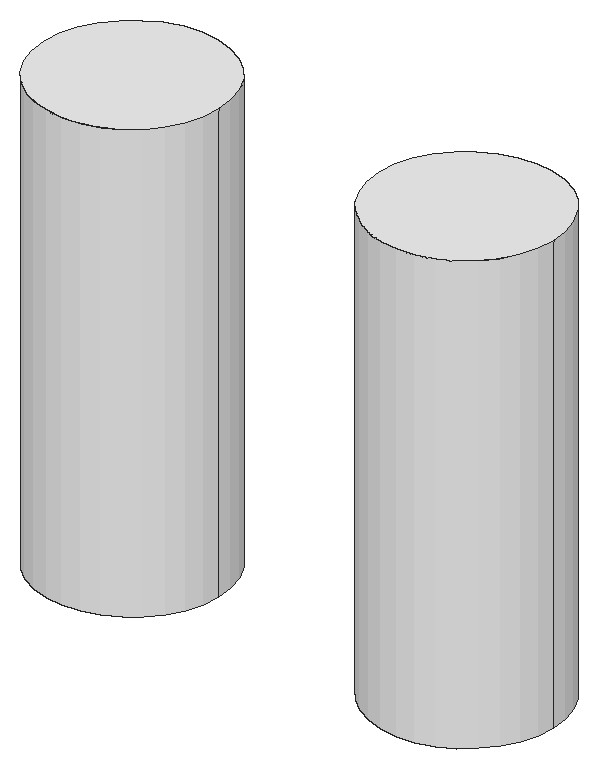
Revit family "514822930037", category Plumbing Fixtures, Revit 2016
Family settings
  Part Type = Normal
  Round Connector Dimension = Use Diameter
  OmniClass Number = 23.45.55.00
  OmniClass Title = Sanitary Faucets, Wastes
  Work Plane-Based = No
  Always vertical = Yes
  Cut with Voids When Loaded = No
  Shared = No
  Room Calculation Point = No
Parameters (values of type "514822930037 Kitchen faucet")
  WorkingPressure = "50 - 1000 kPa"
  WarrantyStartDate [instance] = "n/a"
  WarrantyGuarantorParts = "n/a"
  WarrantyGuarantorLabor = "n/a"
  WarrantyDurationUnit = "Year"
  WarrantyDurationParts = "n/a"
  WarrantyDurationLabor = "n/a"
  WarrantyDescription = "http://warranty.hansa.com"
  VersionDate = "15/03/2019"  # constant formula
  Version = "1"  # constant formula
  ValvePattern = "n/a"
  ValveOperation = "n/a"
  ValveMechanism = "n/a"
  Usage Group = "Households"
  Uniclass2015Reference = "Pr_40_20_87_82"
  Uniclass2015Description = "Sink manual water supply sets"
  Uniclass2 = "Pr_40_30_96_45"
  URL Global Mark = "http://static.hansa.com/Globalmark/514822930037"
  URL = ""
  Type Comments = ""
  TestPressure = "n/a"
  Temperature = "Temperature limiter"
  TagNumber [instance] = "n/a"
  SustainabilityPerformance = "n/a"
  Spout Type = "Swivel spout"
  Spout Swivel Range = "120° (80° / 40°)"
  Spare Parts = "http://static.hansa.com/sp/514822930037"
  Size = "51x255x168 mm"
  Shape = "Sculptured"
  SerialNumber [instance] = "n/a"
  Revision = "n/a"
  ReplacementCost = "n/a"
  Projection = 216 mm
  ProductInformation = "n/a"
  Product URL = "http://static.hansa.com/514822930037"
  Product Image URL = "http://static.hansa.com/image/514822930037"
  Product Family = "HANSAPOLO"
  Product Datasheet = "http://www.hansa.com/datasheet/514822930037/en"
  Product Code = "514822930037"
  Pipes = "Flexible inlet pipes"
  Package external Dimensions = "362 x 278 x 63"
  Package Weight = "1.640 kg"
  OperatingMechanismMaterial = "n/a"
  NominalWidth = 51 mm
  NominalHeight = 168 mm
  NominalDepth = 255 mm
  Name_en = "514822930037 Kitchen faucet"
  Name = "514822930037 Kitchen faucet"
  NBSReference = "45-35-70/345"
  NBSDescription = "Water supply fittings for sinks"
  Mounting Holes = "1 mounting hole"
  ModelReference = "514822930037"
  ModelNumber = "n/a"
  Model = "514822930037 Kitchen faucet"
  Max. Hot Water Supply = 80 °C
  Material = "Brass"
  Market = "AUS"
  ManufacturerName = "Hansa"
  Manufacturer = "Hansa"
  ManufacterURL = "http://www.hansa.com/"
  Lever Handle = "Lever with H+C symbol"
  InstallationDate [instance] = "n/a"
  Installation and Maintenance = "http://static.hansa.com/manual/514822930037"
  Installation Type = "Deck mounted"
  InletConnectionSize = 12 mm
  IfcExportType = "FAUCET"  # constant formula
  IfcExportAs = "IfcValveType"  # constant formula
  Group = "Kitchen faucets"
  Grade = "n/a"
  FlowCoefficient = 0
  Flow Rate At 300kPa = 0.2 L/s
  Flow Drawing URL = "http://static.hansa.com/flowchart/514822930037"
  Flow = "Limitation option for maximum flow-rate"
  Finish = "Polished"
  Features = "Single lever"
  FaucetMainMaterial = Brass
  FDV Document URL = "http://www.hansa.com/datasheet/514822930037/en/fdv"
  ExpectedLife = "n/a"
  EAN Number = "4057304002878"
  DurationUnit = "Year"
  Dimension Drawing URL = "http://static.hansa.com/dimdrw/514822930037"
  Description = ""
  DefaultElevation [instance] = 900 mm
  DN Size = "DN15"
  Customs Code = "84818011"
  ConvergoRefNr = "0087-1803-0053-FI"
  Constituents = "n/a"
  Connection Size = "G1/2"
  Color = "Chrome"
  CodePerformance = "n/a"
  CloseOffRating = 0
  Class = "Single lever"
  Certificate Global Mark = "GM-WM-040199-I01-R00"
  Category = "Kitchen"
  Catalog Drawing URL = "http://static.hansa.com/catdrw/514822930037"
  Brand = "Hansa"
  BodyMaterial = "Brass"
  Barcode [instance] = "n/a"
  Backflow Prevention EN1717 = "AA"
  BIMObjectName = "514822930037"
  Author = "Convergo AB"  # constant formula
  AssetType = "Fixed"
  AssetIdentifier [instance] = "n/a"
  Aerator = "HONEYCOMB®"
  AccessibilityPerformance = "n/a"
  2D/3D/BIM Files URL = "http://static.hansa.com/bim/514822930037"
Reference planes
  plane 1 "Center (Front/Back)": y = 0
  plane 2: z = 0
  plane 3 "Center (Left/Right)": x = 0
  plane 4: x = -25.5
  plane 5: z = 1068
  plane 6: z = 900
  plane 7: z = 870
  plane 8: y = -255
  plane 9: x = 25.5
Forms (mm)
  Extrusion 1, solid, material "Brass" <- "FaucetMainMaterial"
    sketch origin (0, -3, 0) x (1, 0, 0) y (0, 1, 0)
      loop
        circle (-11.5, -22.5) r 6
      loop
        circle (11.5, -22.5) r 6
    from 870 to 900
  Extrusion 2, solid, material "Brass" <- "FaucetMainMaterial", detail levels medium
    sketch origin (0, 0, 0) x (0, 1, 0) y (0, 0, 1)
      loop
        line (0, 900) -> (0, 1058.08) -> (-61.322, 1065.36) -> (-111.697, 1068)
        arc (-111.697, 1068) -> (-112.791, 1067.626) -> (-113.167, 1066.532) r 1.316
        line (-113.167, 1066.532) -> (-112.909, 1064.448)
        arc (-112.909, 1064.448) -> (-111.629, 1061.855) -> (-109.013, 1060.622) r 4.388
        line (-109.013, 1060.622) -> (-51, 1054.525) -> (-51, 993.034)
        arc (-51, 993.034) -> (-52.761, 993.574) -> (-54.465, 994.275) r 19.937
        line (-54.465, 994.275) -> (-135.431, 1032.03)
        arc (-135.431, 1032.03) -> (-162.315, 1042.283) -> (-190.393, 1048.572) r 200
        line (-190.393, 1048.572) -> (-248.818, 1057.304)
        arc (-248.818, 1057.304) -> (-251.086, 1056.882) -> (-252.314, 1054.93) r 2.875
        line (-252.314, 1054.93) -> (-255, 1037.009) -> (-252.234, 1036.594) -> (-252.899, 1032.154) -> (-229.163, 1028.596) -> (-228.347, 1034.037) -> (-193.277, 1028.781)
        arc (-193.277, 1028.781) -> (-168.045, 1023.121) -> (-143.883, 1013.904) r 180
        line (-143.883, 1013.904) -> (-51, 970.592) -> (-51, 900) -> (0, 900)
    from 25.5 to -25.5
  Extrusion 3, solid, material "Brass", detail levels coarse
    sketch origin (0, 0, 0) x (1, 0, 0) y (0, 1, 0)
      loop
        line (-25.5, 0) -> (-25.5, -255) -> (25.5, -255) -> (25.5, 0) -> (-25.5, 0)
    from 900 to 1068
Lines and regions (mm)
  symbolic lines, detail levels medium+fine
    curve 1: line (0, 0, 900) -> (0, -51, 900)
    curve 2: line (0, -51, 900) -> (0, -51, 947.5)
    curve 3: line (0, -50.702, 970.453) -> (0, -143.883, 1013.904)
    curve 4: arc (0, -143.883, 1013.904) -> (0, -168.045, 1023.121) -> (0, -193.277, 1028.781) r 180
    curve 5: line (0, -193.277, 1028.781) -> (0, -225.171, 1033.561)
    curve 6: line (0, -229.163, 1028.596) -> (0, -228.497, 1033.037)
    curve 7: line (0, -252.234, 1036.594) -> (0, -252.899, 1032.154)
    curve 8: line (0, -252.899, 1032.154) -> (0, -229.163, 1028.596)
    curve 10: line (0, -225.321, 1032.561) -> (0, -225.171, 1033.561)
    curve 11: line (0, -252.234, 1036.594) -> (0, -255, 1037.009)
    curve 12: line (0, -255, 1037.009) -> (0, -252.314, 1054.93)
    curve 13: arc (0, -252.314, 1054.93) -> (0, -251.086, 1056.882) -> (0, -248.818, 1057.304) r 2.875
    curve 14: line (0, -248.818, 1057.304) -> (0, -190.393, 1048.572)
    curve 15: arc (0, -190.393, 1048.572) -> (0, -162.315, 1042.283) -> (0, -135.431, 1032.03) r 200
    curve 16: line (0, -135.431, 1032.03) -> (0, -54.465, 994.275)
    curve 17: arc (0, -54.465, 994.275) -> (0, -52.475, 993.474) -> (0, -50.41, 992.892) r 19.937
    curve 18: line (0, -50.007, 1023.96) -> (0, -50.41, 992.892)
    curve 19: line (0, -50.702, 970.453) -> (0, -51, 947.5)
    curve 20: line (0, 0, 900) -> (0, 0, 947.5)
    curve 21: line (0, -0.993, 1023.96) -> (0, 0, 947.5)
    curve 23: line (0, -228.497, 1033.037) -> (0, -225.321, 1032.561)
    curve 24: line (0, -0.993, 1023.96) -> (0, -2.721, 1023.96)
    curve 25: line (0, -49.846, 1026.8) -> (0, -48.006, 1026.8)
    curve 27: line (0, -48.304, 1023.96) -> (0, -48.006, 1026.8)
    curve 28: arc (0, -6.504, 1035.604) -> (0, -3.769, 1030.056) -> (0, -2.721, 1023.96) r 21.584
    curve 29: line (0, -49.846, 1026.8) -> (0, -48.267, 1049.382)
    curve 30: arc (0, -48.267, 1049.382) -> (0, -49.483, 1053.016) -> (0, -52.912, 1054.725) r 5.006
    curve 31: line (0, -52.912, 1054.725) -> (0, -109.013, 1060.622)
    curve 32: arc (0, -109.013, 1060.622) -> (0, -111.629, 1061.855) -> (0, -112.909, 1064.448) r 4.388
    curve 33: line (0, -112.909, 1064.448) -> (0, -113.167, 1066.532)
    curve 34: arc (0, -113.167, 1066.532) -> (0, -112.791, 1067.626) -> (0, -111.697, 1068) r 1.316
    curve 35: line (0, -111.697, 1068) -> (0, -61.322, 1065.36)
    curve 36: line (0, -61.322, 1065.36) -> (0, -4.446, 1058.607)
    curve 37: arc (0, -4.446, 1058.607) -> (0, -3.316, 1057.974) -> (0, -2.965, 1056.728) r 1.691
    curve 38: line (0, -2.965, 1056.728) -> (0, -1.647, 1037.869)
    curve 39: line (0, -6.504, 1035.604) -> (0, -1.647, 1037.869)
    curve 41: line (0, -48.304, 1023.96) -> (0, -50.007, 1023.96)
    curve 43: line (25.5, 0, 900) -> (-25.5, 0, 900)
    curve 44: line (-25.5, 0, 900) -> (-25.5, 0, 947.56)
    curve 45: line (-25.5, 0, 947.56) -> (-24.495, 0, 1023.96)
    curve 46: line (-24.362, 0, 1026.797) -> (-22.506, 0, 1026.797)
    curve 47: line (-24.495, 0, 1023.96) -> (-22.754, 0, 1023.96)
    curve 48: line (-24.362, 0, 1026.797) -> (-21.794, 0, 1058.814)
    curve 49: arc (-21.794, 0, 1058.814) -> (-21.406, 0, 1059.899) -> (-20.524, 0, 1060.641) r 2.211
    curve 50: arc (-20.524, 0, 1060.641) -> (-18.448, 0, 1061.525) -> (-16.319, 0, 1062.269) r 33.994
    curve 51: arc (-16.319, 0, 1062.269) -> (-15.779, 0, 1062.579) -> (-15.419, 0, 1063.089) r 1.442
    curve 52: arc (-15.419, 0, 1063.089) -> (-13.815, 0, 1065.638) -> (-11.468, 0, 1067.527) r 9.139
    curve 53: arc (-11.468, 0, 1067.527) -> (-10.657, 0, 1067.864) -> (-9.789, 0, 1068) r 3.707
    curve 54: line (-9.789, 0, 1068) -> (0, 0, 1068)
    curve 55: line (-22.506, 0, 1026.797) -> (-22.754, 0, 1023.96)
    curve 59: line (25.5, 0, 900) -> (25.5, 0, 947.56)
    curve 60: line (25.5, 0, 947.56) -> (24.495, 0, 1023.96)
    curve 61: line (24.362, 0, 1026.797) -> (22.506, 0, 1026.797)
    curve 62: line (24.495, 0, 1023.96) -> (22.754, 0, 1023.96)
    curve 63: line (24.362, 0, 1026.797) -> (21.794, 0, 1058.814)
    curve 64: arc (21.794, 0, 1058.814) -> (21.406, 0, 1059.899) -> (20.524, 0, 1060.641) r 2.211
    curve 65: arc (20.524, 0, 1060.641) -> (18.448, 0, 1061.525) -> (16.319, 0, 1062.269) r 33.994
    curve 66: arc (16.319, 0, 1062.269) -> (15.779, 0, 1062.579) -> (15.419, 0, 1063.089) r 1.442
    curve 67: arc (15.419, 0, 1063.089) -> (13.815, 0, 1065.638) -> (11.468, 0, 1067.527) r 9.139
    curve 68: arc (11.468, 0, 1067.527) -> (10.657, 0, 1067.864) -> (9.789, 0, 1068) r 3.707
    curve 69: line (9.789, 0, 1068) -> (0, 0, 1068)
    curve 70: line (22.506, 0, 1026.797) -> (22.754, 0, 1023.96)
    curve 83: line (-15, -239.534, 0) -> (-15, -59.645, 0)
    curve 84: line (15, -239.534, 0) -> (15, -59.645, 0)
    curve 85: spline (-15, -239.534, 0) -> (-14.489, -243.537, 0) -> (-12.99, -247.267, 0) -> (-10.607, -250.47, 0) -> (-7.5, -252.928, 0) -> (-3.882, -254.473, 0) -> (0, -255, 0) -> (3.882, -254.473, 0) -> (7.5, -252.928, 0) -> (10.607, -250.47, 0) -> (12.99, -247.267, 0) -> (14.489, -243.537, 0) -> (15, -239.534, 0)
    curve 91: arc (-15.824, -46.935, 0) -> (-15.892, -46.144, 0) -> (-15.994, -45.357, 0) r 18.815
    curve 95: arc (15.832, -46.938, 0) -> (15.9, -46.152, 0) -> (16.001, -45.369, 0) r 18.811
    curve 96: line (-15, -59.645, 0) -> (-15.824, -46.935, 0)
    curve 97: line (15, -59.645, 0) -> (15.832, -46.938, 0)
    curve 98: arc (16.001, -45.369, 0) -> (0.021, -0.018, 0) -> (-15.994, -45.357, 0) r 25.494
  symbolic lines, detail levels fine
    curve 9: line (0, -252.234, 1036.594) -> (0, -228.497, 1033.037)
    curve 22: line (0, 0, 947.5) -> (0, -51, 947.5)
    curve 26: line (0, -25.383, 1026.8) -> (0, -6.504, 1035.604)
    curve 40: line (0, -48.006, 1026.8) -> (0, -25.383, 1026.8)
    curve 42: line (0, -2.721, 1023.96) -> (0, -48.304, 1023.96)
    curve 56: line (-15, 0, 970.474) -> (-15, 0, 1054.085)
    curve 57: line (-22.506, 0, 1026.797) -> (-15, 0, 1026.797)
    curve 58: line (-22.754, 0, 1023.96) -> (-15, 0, 1023.96)
    curve 71: line (22.506, 0, 1026.797) -> (15, 0, 1026.797)
    curve 72: line (22.754, 0, 1023.96) -> (15, 0, 1023.96)
    curve 73: line (-25.5, 0, 947.56) -> (25.5, 0, 947.56)
    curve 74: spline (-15, 0, 1054.085) -> (-14.489, 0, 1054.949) -> (-12.99, 0, 1055.755) -> (-10.607, 0, 1056.447) -> (-7.5, 0, 1056.978) -> (-3.882, 0, 1057.312) -> (0, 0, 1057.426) -> (3.882, 0, 1057.312) -> (7.5, 0, 1056.978) -> (10.607, 0, 1056.447) -> (12.99, 0, 1055.755) -> (14.489, 0, 1054.949) -> (15, 0, 1054.085)
    curve 75: arc (-13.012, 0, 968.978) -> (-14.379, 0, 969.231) -> (-15, 0, 970.474) r 1.557
    curve 76: arc (13.012, 0, 968.978) -> (14.379, 0, 969.231) -> (15, 0, 970.474) r 1.557
    curve 77: arc (-13.012, 0, 968.978) -> (0, 0, 970.816) -> (13.012, 0, 968.978) r 47.003
    curve 78: spline (11.961, 0, 1030.3) -> (11.554, 0, 1029.845) -> (10.359, 0, 1029.421) -> (8.458, 0, 1029.058) -> (5.981, 0, 1028.778) -> (3.096, 0, 1028.603) -> (0, 0, 1028.543) -> (-3.096, 0, 1028.603) -> (-5.981, 0, 1028.778) -> (-8.458, 0, 1029.058) -> (-10.359, 0, 1029.421) -> (-11.554, 0, 1029.845) -> (-11.961, 0, 1030.3) -> (-11.554, 0, 1030.754) -> (-10.359, 0, 1031.178) -> (-8.458, 0, 1031.542) -> (-5.981, 0, 1031.821) -> (-3.096, 0, 1031.997) -> (0, 0, 1032.056) -> (3.096, 0, 1031.997) -> (5.981, 0, 1031.821) -> (8.458, 0, 1031.542) -> (10.359, 0, 1031.178) -> (11.554, 0, 1030.754) -> (11.961, 0, 1030.3)
    curve 79: spline (-11.961, 0, 1034.779) -> (-11.554, 0, 1035.234) -> (-10.359, 0, 1035.658) -> (-8.458, 0, 1036.021) -> (-5.981, 0, 1036.301) -> (-3.096, 0, 1036.476) -> (0, 0, 1036.536) -> (3.096, 0, 1036.476) -> (5.981, 0, 1036.301) -> (8.458, 0, 1036.021) -> (10.359, 0, 1035.658) -> (11.554, 0, 1035.234) -> (11.961, 0, 1034.779)
    curve 80: line (-11.961, 0, 1030.3) -> (-11.961, 0, 1034.779)
    curve 81: line (11.961, 0, 1034.779) -> (11.961, 0, 1030.3)
    curve 82: spline (11.961, 0, 1033.769) -> (14.424, 0, 1034.526) -> (14.937, 0, 1035.369) -> (13.431, 0, 1036.183) -> (10.109, 0, 1036.859) -> (5.421, 0, 1037.304) -> (0, 0, 1037.46) -> (-5.421, 0, 1037.304) -> (-10.109, 0, 1036.859) -> (-13.431, 0, 1036.183) -> (-14.937, 0, 1035.369) -> (-14.424, 0, 1034.526) -> (-11.961, 0, 1033.769)
    curve 86: spline (-15, -239.534, 0) -> (-14.489, -242.782, 0) -> (-12.99, -245.808, 0) -> (-10.607, -248.407, 0) -> (-7.5, -250.401, 0) -> (-3.882, -251.655, 0) -> (0, -252.082, 0) -> (3.882, -251.655, 0) -> (7.5, -250.401, 0) -> (10.607, -248.407, 0) -> (12.99, -245.808, 0) -> (14.489, -242.782, 0) -> (15, -239.534, 0)
    curve 87: arc (19.099, -37.489, 0) -> (0, -2.95, 0) -> (-19.099, -37.489, 0) r 22.55
    curve 88: line (0, -113.165, 0) -> (-6.461, -113.165, 0)
    curve 89: arc (-6.461, -113.165, 0) -> (-10.086, -111.77, 0) -> (-11.84, -108.304, 0) r 5.407
    curve 90: line (-11.84, -108.304, 0) -> (-15, -59.645, 0)
    curve 92: line (0, -113.165, 0) -> (6.461, -113.165, 0)
    curve 93: arc (6.461, -113.165, 0) -> (10.086, -111.77, 0) -> (11.84, -108.304, 0) r 5.407
    curve 94: line (11.84, -108.304, 0) -> (15, -59.645, 0)
    curve 99: arc (-19.099, -37.489, 0) -> (-17.182, -41.279, 0) -> (-15.994, -45.357, 0) r 23.03
    curve 100: arc (19.099, -37.489, 0) -> (17.182, -41.279, 0) -> (15.994, -45.357, 0) r 23.03
    curve 101: line (15, 0, 970.474) -> (15, 0, 1054.085)
    curve 102: line (-15.779, 0, 1062.579) -> (-15.779, 0, 1058.287)
    curve 103: arc (-15.779, 0, 1058.287) -> (-15.347, 0, 1056.539) -> (-14.151, 0, 1055.193) r 3.756
    curve 104: line (15.779, 0, 1062.579) -> (15.779, 0, 1058.287)
    curve 105: arc (15.779, 0, 1058.287) -> (15.347, 0, 1056.539) -> (14.151, 0, 1055.193) r 3.756
Dimensions and locks
  "NominalHeight": plane 5 to plane 6
  "DefaultElevation": plane 6 to level
  locked: plane 6 to plane 7 at 30
  "NominalDepth": plane 8 to plane 1 "Center (Front/Back)"
  equal spacing: plane 4, plane 3 "Center (Left/Right)", plane 9
  "NominalWidth": plane 4 to plane 9
  "InletConnectionSize": diameter of Extrusion 1 sketch curve  (x2)
  aligned and locked: level to plane 2
  aligned and locked: plane 6 to Extrusion 1
  aligned and locked: Extrusion 1 to plane 7
  aligned and locked: plane 5 to Extrusion 3
  aligned and locked: Extrusion 3 to plane 6
  aligned and locked: plane 6 to import instance
Automatic sketch dimensions
  curve 88 to plane 3 "Center (Left/Right)" = 0 mm
  curve 85 to plane 3 "Center (Left/Right)" = 0 mm
  curve 87 to plane 3 "Center (Left/Right)" = 0 mm
  curve 89 to plane 3 "Center (Left/Right)" = 6.461 mm
  curve 90 to curve 89 = 5.379 mm
  plane 4 to curve 90 = 10.5 mm
  plane 4 to curve 96 = 9.676 mm
  curve 91 to plane 4 = 9.1 mm
  curve 99 to curve 91 = 4.004 mm
  plane 3 "Center (Left/Right)" to curve 98 = 0.011 mm
  plane 3 "Center (Left/Right)" to curve 93 = 6.461 mm
  curve 93 to curve 94 = 5.379 mm
  plane 9 to curve 97 = 9.668 mm
  curve 95 to plane 9 = 9.103 mm
  curve 95 to curve 100 = 4 mm
  curve 83 to plane 8 = 15.466 mm
  curve 89 to curve 90 = 4.861 mm
  curve 92 to curve 94 = 4.861 mm
  curve 89 to curve 96 = 48.659 mm
  curve 83 to curve 94 = 0 mm
  curve 83 to curve 99 = 9.911 mm
  curve 84 to curve 100 = 9.911 mm
  curve 100 to curve 95 = 1.574 mm
  curve 99 to curve 91 = 1.58 mm
  curve 84 to curve 97 = 12.706 mm
  plane 1 "Center (Front/Back)" to curve 98 = 25.512 mm
  curve 98 to curve 87 = 0.012 mm
  curve 98 to curve 96 = 0.17 mm
  curve 87 to curve 99 = 0 mm
  curve 100 to curve 95 = 0.007 mm
  plane 9 to curve 100 = 6.401 mm
  curve 87 to curve 100 = 0 mm
  curve 95 to curve 100 = 0.012 mm
  Extrusion 3 sketch curve to plane 4 = 0 mm
  plane 8 to Extrusion 3 sketch curve = 0 mm
  Extrusion 3 sketch curve to plane 9 = 0 mm
  plane 1 "Center (Front/Back)" to Extrusion 3 sketch curve = 0 mm
  curve 11 to plane 8 = 0 mm
  curve 34 to plane 5 = 0 mm
  curve 1 to plane 6 = 0 mm
  curve 20 to plane 1 "Center (Front/Back)" = 0 mm
  curve 8 to plane 8 = 2.101 mm
  curve 12 to plane 8 = 2.686 mm
  curve 7 to plane 8 = 2.766 mm
  curve 13 to curve 13 = 2.844 mm
  curve 13 to curve 14 = 0.652 mm
  curve 7 to curve 8 = 23.737 mm
  curve 6 to curve 23 = 3.177 mm
  curve 10 to curve 10 = 0.15 mm
  curve 4 to plane 8 = 35.045 mm
  curve 4 to curve 15 = 0 mm
  curve 5 to curve 5 = 31.894 mm
  curve 14 to plane 5 = 19.428 mm
  curve 5 to curve 14 = 2.884 mm
  curve 3 to plane 5 = 54.096 mm
  curve 4 to curve 3 = 49.394 mm
  curve 16 to plane 5 = 35.97 mm
  curve 4 to curve 16 = 8.452 mm
  curve 33 to plane 5 = 1.468 mm
  curve 15 to curve 33 = 22.264 mm
  curve 33 to plane 5 = 3.552 mm
  curve 33 to curve 33 = 0.258 mm
  curve 34 to plane 5 = 1.306 mm
  curve 33 to curve 34 = 1.306 mm
  curve 31 to plane 5 = 7.378 mm
  curve 32 to curve 31 = 3.897 mm
  curve 32 to plane 5 = 3.014 mm
  curve 36 to plane 5 = 2.64 mm
  curve 32 to curve 36 = 47.232 mm
  plane 1 "Center (Front/Back)" to curve 16 = 54.465 mm
  curve 35 to curve 30 = 8.061 mm
  curve 31 to plane 5 = 13.275 mm
  curve 30 to curve 31 = 0.349 mm
  curve 17 to curve 22 = 3.465 mm
  curve 2 to curve 19 = 0.298 mm
  curve 16 to curve 18 = 4.054 mm
  curve 30 to curve 41 = 3.254 mm
  curve 18 to curve 25 = 0.161 mm
  curve 18 to curve 42 = 1.703 mm
  curve 29 to plane 5 = 18.618 mm
  curve 30 to curve 29 = 4.994 mm
  curve 25 to curve 25 = 1.841 mm
  curve 27 to curve 17 = 2.265 mm
  curve 25 to curve 26 = 22.622 mm
  curve 26 to curve 28 = 1.086 mm
  plane 1 "Center (Front/Back)" to curve 39 = 6.504 mm
  plane 1 "Center (Front/Back)" to curve 37 = 4.645 mm
  curve 37 to curve 36 = 0.199 mm
  curve 37 to curve 38 = 1.68 mm
  plane 1 "Center (Front/Back)" to curve 24 = 2.721 mm
  plane 1 "Center (Front/Back)" to curve 39 = 1.647 mm
  plane 1 "Center (Front/Back)" to curve 21 = 0.993 mm
  curve 15 to curve 4 = 0 mm
  plane 6 to curve 22 = 47.5 mm
  curve 2 to curve 3 = 22.953 mm
  curve 3 to curve 18 = 22.439 mm
  curve 17 to curve 16 = 1.383 mm
  curve 17 to curve 28 = 11.042 mm
  curve 17 to curve 27 = 11.616 mm
  curve 28 to curve 26 = 3.414 mm
  curve 8 to curve 5 = 0.185 mm
  curve 26 to curve 39 = 2.265 mm
  curve 13 to curve 13 = 0.426 mm
  curve 38 to plane 5 = 11.272 mm
  curve 38 to curve 37 = 0.199 mm
  curve 43 to plane 4 = 0 mm
  curve 54 to plane 5 = 0 mm
  curve 54 to plane 3 "Center (Left/Right)" = 0 mm
  curve 79 to plane 3 "Center (Left/Right)" = 0 mm
  curve 74 to plane 3 "Center (Left/Right)" = 0 mm
  curve 77 to plane 3 "Center (Left/Right)" = 0 mm
  curve 82 to plane 3 "Center (Left/Right)" = 0 mm
  plane 9 to curve 73 = 0 mm
  curve 43 to plane 6 = 0 mm
  plane 4 to curve 45 = 1.005 mm
  plane 4 to curve 46 = 1.138 mm
  curve 45 to curve 47 = 1.74 mm
  curve 46 to curve 57 = 1.856 mm
  plane 4 to curve 48 = 3.706 mm
  curve 49 to curve 49 = 2.203 mm
  curve 49 to curve 51 = 2.841 mm
  curve 49 to curve 102 = 3.812 mm
  plane 4 to curve 56 = 10.5 mm
  curve 56 to curve 75 = 1.557 mm
  curve 102 to curve 103 = 3.756 mm
  curve 57 to curve 80 = 3.039 mm
  curve 102 to curve 54 = 5.99 mm
  curve 53 to curve 53 = 0.137 mm
  curve 103 to curve 52 = 5.034 mm
  curve 80 to curve 50 = 5.785 mm
  curve 65 to curve 78 = 5.785 mm
  plane 3 "Center (Left/Right)" to curve 67 = 6.989 mm
  curve 67 to curve 68 = 2.662 mm
  curve 68 to curve 69 = 0.137 mm
  curve 105 to curve 101 = 2.977 mm
  curve 76 to curve 76 = 1.557 mm
  curve 105 to curve 104 = 3.756 mm
  curve 104 to curve 66 = 0.971 mm
  curve 104 to curve 64 = 3.812 mm
  curve 64 to curve 63 = 2.203 mm
  plane 9 to curve 61 = 2.994 mm
  plane 9 to curve 62 = 2.746 mm
  plane 9 to curve 61 = 1.138 mm
  plane 9 to curve 62 = 1.005 mm
  plane 6 to curve 77 = 23.813 mm
  curve 77 to curve 45 = 23.747 mm
  curve 59 to curve 76 = 22.914 mm
  curve 44 to curve 75 = 22.914 mm
  curve 47 to plane 5 = 44.04 mm
  curve 62 to curve 58 = 0 mm
  curve 47 to curve 57 = 2.837 mm
  curve 62 to curve 71 = 2.837 mm
  curve 71 to curve 65 = 3.026 mm
  curve 57 to curve 50 = 3.026 mm
  curve 65 to curve 81 = 4.956 mm
  curve 101 to plane 5 = 13.915 mm
  curve 101 to curve 105 = 4.203 mm
  curve 74 to curve 103 = 4.203 mm
  curve 102 to curve 49 = 0.35 mm
  curve 104 to curve 64 = 0.35 mm
  curve 64 to curve 63 = 0.177 mm
  curve 49 to curve 48 = 0.177 mm
  curve 105 to curve 67 = 1.274 mm
  curve 103 to curve 52 = 1.274 mm
  curve 66 to plane 5 = 4.355 mm
  curve 51 to plane 5 = 4.355 mm
  curve 53 to plane 5 = 3.705 mm
  curve 68 to plane 5 = 3.705 mm
  curve 50 to curve 49 = 0 mm
  curve 51 to curve 50 = 0 mm
  curve 52 to curve 51 = 0 mm
  curve 74 to curve 103 = 0.849 mm
  curve 77 to curve 75 = 0 mm
  curve 67 to curve 68 = 0 mm
  curve 79 to curve 82 = 3.039 mm
  curve 66 to curve 67 = 0 mm
  curve 65 to curve 66 = 0 mm
  curve 81 to curve 79 = 4.48 mm
  curve 80 to curve 79 = 4.48 mm
  curve 78 to curve 79 = 4.48 mm
  curve 82 to curve 79 = 1.01 mm
  curve 79 to curve 82 = 0.379 mm
  Extrusion 2 sketch curve to plane 8 = 0 mm
  Extrusion 2 sketch curve to plane 5 = 0 mm
  Extrusion 2 sketch curve to plane 6 = 0 mm
  Extrusion 2 sketch curve to plane 1 "Center (Front/Back)" = 0 mm
  Extrusion 2 sketch curve to plane 8 = 2.101 mm
  Extrusion 2 sketch curve to plane 8 = 2.686 mm
  Extrusion 2 sketch curve to plane 8 = 2.766 mm
  Extrusion 2 sketch curve to Extrusion 2 sketch curve = 2.844 mm
  Extrusion 2 sketch curve to Extrusion 2 sketch curve = 0.652 mm
  Extrusion 2 sketch curve to Extrusion 2 sketch curve = 23.737 mm
  Extrusion 2 sketch curve to Extrusion 2 sketch curve = 0.815 mm
  Extrusion 2 sketch curve to plane 8 = 35.045 mm
  Extrusion 2 sketch curve to Extrusion 2 sketch curve = 0 mm  (x2)
  Extrusion 2 sketch curve to Extrusion 2 sketch curve = 35.07 mm
  Extrusion 2 sketch curve to plane 5 = 19.428 mm
  Extrusion 2 sketch curve to Extrusion 2 sketch curve = 2.884 mm
  Extrusion 2 sketch curve to plane 5 = 54.096 mm
  Extrusion 2 sketch curve to Extrusion 2 sketch curve = 49.394 mm
  Extrusion 2 sketch curve to plane 5 = 35.97 mm
  Extrusion 2 sketch curve to Extrusion 2 sketch curve = 8.452 mm
  Extrusion 2 sketch curve to plane 5 = 1.468 mm
  Extrusion 2 sketch curve to Extrusion 2 sketch curve = 22.264 mm
  Extrusion 2 sketch curve to plane 5 = 3.552 mm
  Extrusion 2 sketch curve to Extrusion 2 sketch curve = 0.258 mm
  Extrusion 2 sketch curve to Extrusion 2 sketch curve = 1.306 mm
  Extrusion 2 sketch curve to Extrusion 2 sketch curve = 0.164 mm
  Extrusion 2 sketch curve to plane 5 = 7.378 mm
  Extrusion 2 sketch curve to Extrusion 2 sketch curve = 3.897 mm
  Extrusion 2 sketch curve to plane 5 = 3.014 mm
  Extrusion 2 sketch curve to plane 5 = 2.64 mm
  Extrusion 2 sketch curve to Extrusion 2 sketch curve = 47.232 mm
  plane 1 "Center (Front/Back)" to Extrusion 2 sketch curve = 54.465 mm
  plane 1 "Center (Front/Back)" to Extrusion 2 sketch curve = 51 mm
  Extrusion 2 sketch curve to Extrusion 2 sketch curve = 10.322 mm
  Extrusion 2 sketch curve to Extrusion 2 sketch curve = 8.426 mm
  Extrusion 2 sketch curve to Extrusion 2 sketch curve = 70.592 mm
  Extrusion 2 sketch curve to Extrusion 2 sketch curve = 22.442 mm
  Extrusion 2 sketch curve to Extrusion 2 sketch curve = 1.241 mm
  Extrusion 2 sketch curve to Extrusion 2 sketch curve = 0.185 mm
  Extrusion 2 sketch curve to Extrusion 2 sketch curve = 0.426 mm
  Extrusion 2 sketch curve to plane 5 = 13.475 mm
  Extrusion 2 sketch curve to plane 5 = 9.92 mm
  Extrusion 1 sketch curve to plane 3 "Center (Left/Right)" = 11.5 mm
  plane 3 "Center (Left/Right)" to Extrusion 1 sketch curve = 11.5 mm
  plane 1 "Center (Front/Back)" to Extrusion 1 sketch curve = 25.5 mm  (x2)
Nested families
  nested 1: "Symbol" at (0, 0, 0), type "Symbol", detail levels coarse
Connectors
  piping at (-11.5, -25.5, 870), diameter 12, driven by "InletConnectionSize"
    settings: on Extrusion 1, index 1, connector inside diameter 609.6 mm, connector length 0 mm, flow factor 0, pipe flow 0.2 L/s, pressure drop 0.0 Pa, fitting loss kfactor 0, connector angle 0.00°, fixture units 0, engagement length 0 mm, angle of deflection 0.00°, flow configuration 1, flow direction 1, fitting loss method 0, system type 19, joint type 0, gender type 0, connector reference index -1, connector utility 0, adjustable connector no, is connector primary yes, connector description ""
  piping at (11.5, -25.5, 870), diameter 12, driven by "InletConnectionSize"
    settings: on Extrusion 1, index 2, connector inside diameter 609.6 mm, connector length 0 mm, flow factor 0, pipe flow 0.2 L/s, pressure drop 0.0 Pa, fitting loss kfactor 0, connector angle 0.00°, fixture units 0, engagement length 0 mm, angle of deflection 0.00°, flow configuration 1, flow direction 1, fitting loss method 0, system type 20, joint type 0, gender type 0, connector reference index -1, connector utility 0, adjustable connector no, is connector primary no, connector description ""
Definition of nested family "Symbol"
  Reference planes
    plane 1: y = 0
    plane 2: x = 0
  Lines and regions (mm)
    detail lines
      curve 1: line (0, 0, 0) -> (0, -1.8, 0)
      curve 2: line (-0.4, -1.1, 0) -> (0.4, -1.1, 0)
      curve 3: line (-0.4, -1.4, 0) -> (0.4, -1.4, 0)
      curve 4: line (0.863, 0, 0) -> (-0.863, 0, 0)
      curve 5: circle (-1.163, 0, 0) r 0.3 normal (0, 0, -1)
      curve 6: circle (1.163, 0, 0) r 0.3 normal (0, 0, 1)
